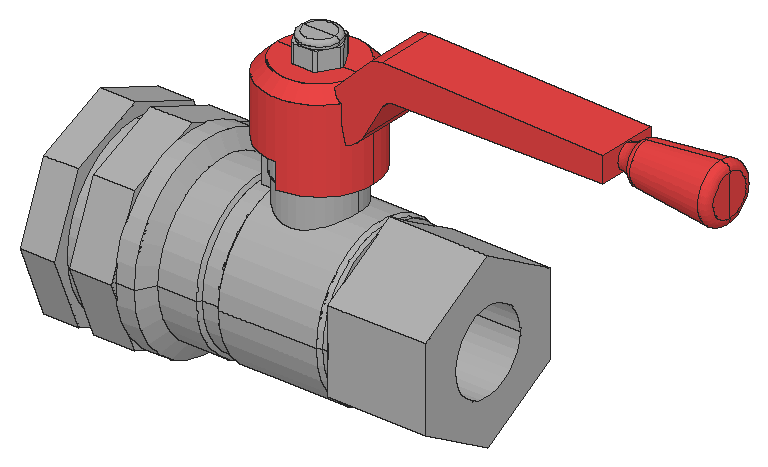
Revit family "QD39400000", category Apparecchi idraulici, Revit 2016
Family settings
  Tipo di parte = Normale
  Quota connettore circolare = Usa diametro
  Numero OmniClass = 23.45.00.00
  Titolo OmniClass = Sanitary, Laundry, and Cleaning Equipment
  Basato su piano di lavoro = No
  Sempre verticale = Sì
  Taglio con vuoti quando caricato = No
  Condiviso = No
  Punto di calcolo locali = No
Parameters
  URL = "https://web.cimberio.it/index.php/figura/273?subcategoria_id=43550"
  Produttore = "CIMBERIO SPA"
  Modello = "Cim 281"
  DN Model [instance] = QD39403169 : QD39403169
  DN [instance] = 20 mm
Reference planes
  plane 1 "Centro (Fronte/Retro)": y = 0
  plane 2: z = 0
  plane 3 "Centro (Sinistra/Destra)": x = 0
Dimensions and locks
  aligned and locked: level to plane 2
Nested families
  nested 1: "QD39403169" at (0, 0, 0), type <- "DN Model", type "QD39403169"
    with DN 10 mm
  nested 2: "QD39403169" at (0, 0, 0), type <- "DN Model", type "QD39403169"
    with DN 10 mm
  nested 3: "QD39403169" at (0, 0, 0), type <- "DN Model", type "QD39403169"
    with DN 10 mm
  nested 4: "QD39403169" at (0, 0, 0), type <- "DN Model", type "QD39403169"
    with DN 10 mm
  nested 5: "QD39403169" at (0, 0, 0), type <- "DN Model", type "QD39403169"
    with DN 10 mm
  nested 6: "QD39403169" at (0, 0, 0), type <- "DN Model", type "QD39403169"
    with DN 10 mm
  nested 7: "QD39403169" at (0, 0, 0), type <- "DN Model", type "QD39403169"
    with DN 10 mm
  nested 8: "QD39403169" at (0, 0, 0), type <- "DN Model", type "QD39403169"
    with DN 10 mm
  nested 9: "QD39403169" at (0, 0, 0), type <- "DN Model", type "QD39403169"
    with DN 10 mm
Connectors
  piping at (41, 0, 0), diameter 20, driven by "DN"
    settings: on nested 1, index 1, connector inside diameter 609.6 mm, connector length 0 mm, flow factor 0, pipe flow 0.0 L/s, pressure drop 0.0 Pa, fitting loss kfactor 0, connector angle 0.00°, fixture units 0, engagement length 0 mm, angle of deflection 0.00°, flow configuration 0, flow direction 0, fitting loss method 0, system type 7, joint type 0, gender type 0, connector reference index -1, connector utility 0, adjustable connector no, is connector primary yes, connector description ""
  piping at (-53.371, 0, 0), diameter 20, driven by "DN"
    settings: on nested 1, index 2, connector inside diameter 609.6 mm, connector length 0 mm, flow factor 0, pipe flow 0.0 L/s, pressure drop 0.0 Pa, fitting loss kfactor 0, connector angle 0.00°, fixture units 0, engagement length 0 mm, angle of deflection 0.00°, flow configuration 0, flow direction 0, fitting loss method 0, system type 7, joint type 0, gender type 0, connector reference index -1, connector utility 0, adjustable connector no, is connector primary no, connector description ""
Definition of nested family "QD39403169"
  Parameters (values of type "QD39403169")
    DN [instance] = 10 mm  # constant formula
  Reference planes
    plane 1 "Centro (Fronte/Retro)": y = 0
    plane 2: z = 0
    plane 3 "Centro (Sinistra/Destra)": x = 0
  Forms (mm)
    Revolve 1, solid
      sketch origin (0, 0, 0) x (1, 0, 0) y (0, 1, 0)
        loop
          line (-31, 10) -> (17.1, 10) -> (17.1, 19) -> (15.833, 19) -> (14.888, 19.5) -> (-9, 19.5) -> (-10, 18.5) -> (-13.882, 18.5) -> (-14.443, 19.5) -> (-24, 19.5) -> (-26.309, 23.5) -> (-31, 23.5) -> (-31, 10)
        axis (-31, 0) -> (17.1, 0)
      angle from 0 to 360
    Revolve 2, solid
      sketch origin (0, 0, 4) x (1, 0, 0) y (0, 0, 1)
        loop
          line (0.063, 27.3) -> (0.063, 11.623) -> (9.5, 11.623) -> (9.5, 21)
          arc (9.5, 21) -> (9.863, 21.294) -> (10, 21.742) r 0.8
          line (10, 21.742) -> (10, 27.3) -> (0.063, 27.3)
        axis (0.063, 11.623) -> (0.063, 27.3)
      angle from 0 to 360
    Extrusion 3, solid
      sketch origin (0, 0, 4) x (1, 0, 0) y (0, 0, 1)
        loop
          line (-15, 26.3) -> (-15, 22) -> (-13, 20.845) -> (-13, 10.345) -> (-7.86, 10.345) -> (-7.86, 26.3) -> (-15, 26.3)
      from -1.5 to 1.5
    Revolve 4, solid
      sketch origin (0, 0, 4) x (1, 0, 0) y (0, 0, 1)
        loop
          line (0, 30.531) -> (-6.985, 30.531) -> (-6.985, 27.3) -> (0, 27.3) -> (0, 30.531)
        axis (0, 30.531) -> (0, 27.3)
      angle from 0 to 360
    Revolve 5, solid
      sketch origin (0, 0, 4) x (1, 0, 0) y (0, 0, 1)
        loop
          line (0, 45.8) -> (-10.25, 45.8) -> (-13.25, 42.8) -> (-13.25, 22.8) -> (-7.25, 22.8) -> (-7.25, 38.318) -> (0, 38.318) -> (0, 45.8)
        axis (0, 45.8) -> (0, 22.8)
      angle from 0 to 360
    Revolve 6, solid
      sketch origin (0, 0, 4) x (1, 0, 0) y (0, 0, 1)
        loop
          line (0, 51.8) -> (0, 50.016) -> (4.75, 50.016) -> (4.75, 50.8)
          arc (4.75, 50.8) -> (4.457, 51.507) -> (3.75, 51.8) r 1
          line (3.75, 51.8) -> (0, 51.8)
        axis (0, 51.8) -> (0, 50.016)
      angle from 0 to 360
    Extrusion 7, solid
      sketch origin (0.002, 0, 32.55) x (0.559389, -0.828905, 0) y (0.828905, 0.559389, 0)
        loop
          line (5.501, 0.127) -> (3.472, 4.287)
          arc (3.472, 4.287) -> (3.145, 4.663) -> (2.674, 4.825) r 0.962
          line (2.674, 4.825) -> (-1.937, 5.147)
          arc (-1.937, 5.147) -> (-2.461, 5.045) -> (-2.864, 4.695) r 1.032
          line (-2.864, 4.695) -> (-5.424, 0.899)
          arc (-5.424, 0.899) -> (-5.599, 0.392) -> (-5.496, -0.136) r 1.038
          line (-5.496, -0.136) -> (-3.479, -4.272)
          arc (-3.479, -4.272) -> (-3.142, -4.659) -> (-2.657, -4.826) r 0.991
          line (-2.657, -4.826) -> (1.958, -5.149)
          arc (1.958, -5.149) -> (2.463, -5.05) -> (2.852, -4.713) r 0.994
          line (2.852, -4.713) -> (5.429, -0.891)
          arc (5.429, -0.891) -> (5.601, -0.392) -> (5.501, 0.127) r 1.021
      from 17.25 to 21.75
    Extrusion 8, void
      sketch origin (0, 0, 32.55) x (1, 0, 0) y (0, 1, 0)
        loop
          line (-8.5, 0) -> (-14.381, 0)
          arc (-14.381, 0) -> (-10.169, -10.169) -> (0, -14.381) r 14.381
          line (0, -14.381) -> (0, -8.5)
          arc (0, -8.5) -> (-6.01, -6.01) -> (-8.5, 0) r 8.5
      from -6.445 to 0.25
    Extrusion 9, solid
      sketch origin (0, 0, 0) x (1, 0, 0) y (0, 0, 1)
        loop
          line (9.489, 49.789) -> (12.171, 38.235)
          arc (12.171, 38.235) -> (14.899, 39.625) -> (16.907, 41.935) r 8.021
          line (16.907, 41.935) -> (21.6, 50.064)
          arc (21.6, 50.064) -> (22.506, 50.971) -> (23.741, 51.314) r 2.514
          line (23.741, 51.314) -> (75.001, 51.81) -> (75.001, 57.8) -> (21.145, 59.243)
          arc (21.145, 59.243) -> (19.162, 58.888) -> (17.48, 57.78) r 5
          line (17.48, 57.78) -> (9.489, 49.789)
      from -7.293 to 7.293
    Revolve 10, solid
      sketch origin (0, 0, 0) x (1, 0, 0) y (0, 0, 1)
        loop
          line (100, 54.8) -> (100, 59.811)
          arc (100, 59.811) -> (99.338, 61.298) -> (97.791, 61.8) r 2
          line (97.791, 61.8) -> (79.776, 59.883)
          arc (79.776, 59.883) -> (79.119, 59.694) -> (78.564, 59.294) r 1.983
          arc (78.564, 59.294) -> (76.935, 58.184) -> (75.001, 57.8) r 4.936
          line (75.001, 57.8) -> (75.001, 54.8) -> (100, 54.8)
        axis (100, 54.8) -> (75.001, 54.8)
      angle from 0 to 360
    Extrusion 11, solid
      sketch origin (-11, 0, 0) x (0, 0, 1) y (0, 1, 0)
        loop
          circle (0, 0) r 10
        loop
          line (24.7, 0) -> (17.466, 17.466) -> (0, 24.7) -> (-17.466, 17.466) -> (-24.7, 0) -> (-17.466, -17.466) -> (0, -24.7) -> (17.466, -17.466) -> (24.7, 0)
      from 20 to 30.089
    Extrusion 12, solid
      sketch origin (-11, 0, 0) x (0, 0, 1) y (0, 1, 0)
        loop
          circle (0, 0) r 10
        loop
          line (21, 0) -> (10.03, 19) -> (-10.03, 19) -> (-21, 0) -> (-10.03, -19) -> (10.03, -19) -> (21, 0)
      from -52 to -28.1
    Revolve 13, solid
      sketch origin (0, 0, 0) x (1, 0, 0) y (0, 0, 1)
        loop
          line (-44.953, 21) -> (-44.953, 10) -> (-41.089, 10) -> (-41.089, 21) -> (-44.953, 21)
        axis (-44.953, 0) -> (-41.089, 0)
      angle from 0 to 360
    Extrusion 14, solid
      sketch origin (-11, 0, 0) x (0, 0, 1) y (0, 1, 0)
        loop
          circle (0, 0) r 10
        loop
          line (24.5, 0) -> (17.324, 17.324) -> (0, 24.5) -> (-17.324, 17.324) -> (-24.5, 0) -> (-17.324, -17.324) -> (0, -24.5) -> (17.324, -17.324) -> (24.5, 0)
      from 33.871 to 42.371
  Cuts and joins
    Extrusion 8 cuts Revolve 5
  Dimensions and locks
    aligned and locked: level to plane 2
